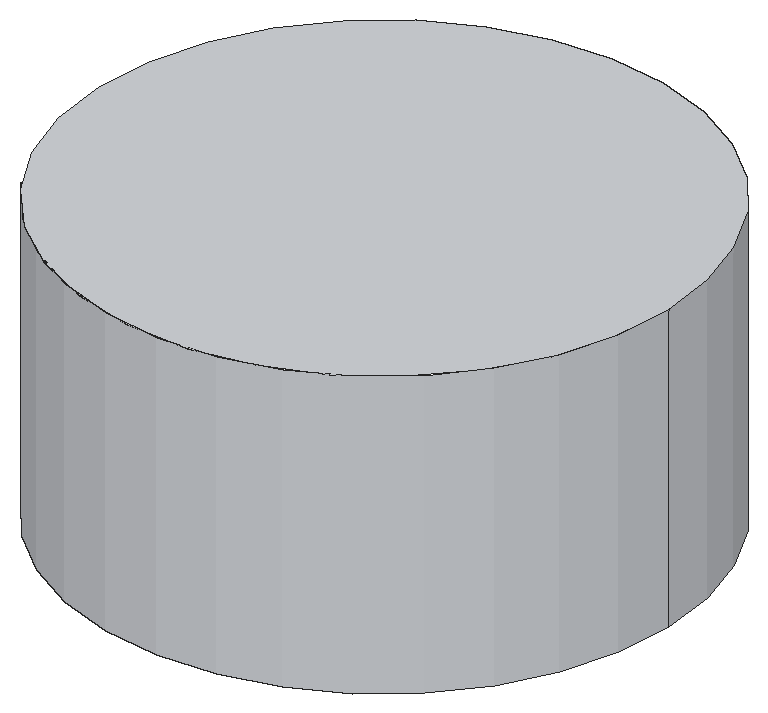
Revit family "ASF-16-C12", category Mechanical Equipment, Revit 2023
Family settings
  Round Connector Dimension = Use Diameter
  Classification = None
  Part Type = Normal
  OmniClass Number = 23.75.00.00
  OmniClass Title = Climate Control (HVAC)
  Work Plane-Based = No
  Always vertical = Yes
  Cut with Voids When Loaded = No
  Maintain Annotation Orientation = No
  Shared = No
  Room Calculation Point = No
Parameters (values of type "Standard")
  Default Elevation = 0' - 0"
  Connector_1_Diameter = 1' - 3 3/4"
Reference planes (in)
  plane 1 "Center (Front/Back)": y = 0
  plane 2: z = 0
  plane 3 "Center (Left/Right)": x = 0
Forms (in)
  Extrusion 1, solid
    sketch origin (0, 0, -21.55954) x (1, 0, 0) y (0, 1, 0)
      loop
        circle (0, 0) r 0.12
    from 0 to -0.12
Dimensions and locks (in)
  aligned and locked: plane 2 to level
Connectors (in)
  hvac at (0, 0, -21.55954), driven by "Connector_1_Diameter"
    settings: on Extrusion 1, index 1, duct flow 0 CFM, flow factor 0, pres drop 0.00 in-wg, loss coef 0, conn angle 0.00°, conn width 12", conn height 12", conn diameter 15 3/4", duct sys type 3, conn prof type 0, flow config 1, flow direction 1, loss method 0, conn ref index -1, conn util no, is conn primary yes, conn desc ""
